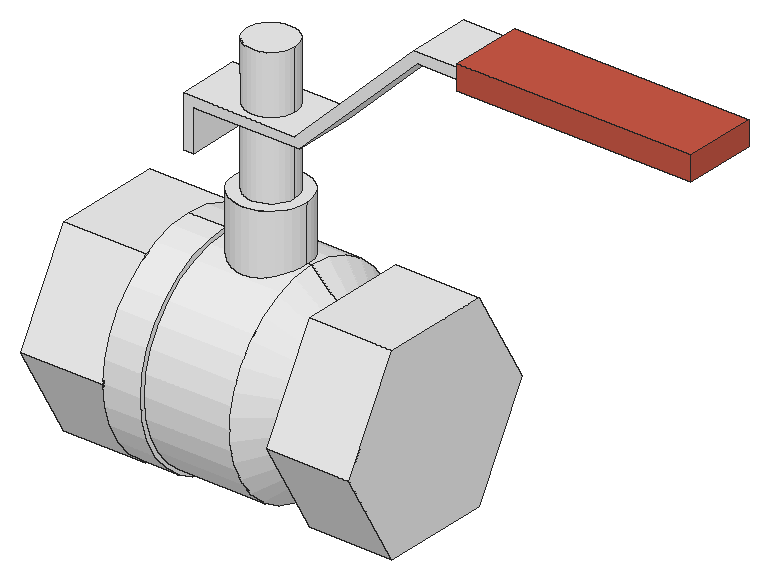
Revit family "DONE-2019_Valvula_Arco_Turia", category Pipe Accessories, Revit 2019
Family settings
  Round Connector Dimension = Use Radius
  Part Type = Valve - Breaks Into
  OmniClass Number = 23.65.55.14.21
  OmniClass Title = Non-Return Valves for Liquid Services
  Work Plane-Based = No
  Always vertical = Yes
  Cut with Voids When Loaded = No
  Shared = No
Parameters
  URL = "www.valvulasarco.com"
  Radio Nominal = Diámetro Nominal / 2  # 15.9 mm
  Radio Cuerpo = Radio Tuerca * 1.1  # 25.71 mm
  OCT = not(HEX)  # no
  Model = ""
  Material = Jatón Europeo CW617N - Chromado
  Manufacturer = "Vávulas Arco S.L"  # constant formula
  HEX = D < 40 mm  # yes
  E = 31.8 mm
  Diámetro Nominal = E  # 31.8 mm
  Description = "Válvula esfera Turia mando palanca H-H"  # constant formula
  Cost = 5.8
  Ancho Símbolo = 15.011 mm
  Radio Exterior = Diámetro Exterior / 2  # 22.26 mm
  Diámetro Exterior = D * 1.4  # 44.52 mm
  K Coefficient = 0.35
  D = 31.8 mm
  Radio Tuerca = if(Radio Exterior > 20 mm, Radio Exterior * 1.05, Radio Exterior * 2.5)  # 23.373 mm
  C = 90 mm
  B = 112 mm
  A = 82 mm
Reference planes
  plane 1 "Center (Front/Back)": y = 0
  plane 2: z = 0
  plane 3 "Center (Left/Right)": x = 0
  plane 4 "I": x = -41
  plane 5 "O": x = 41
  plane 6: z = 90
  plane 7: z = -22.26
  plane 8: y = 22.26
  plane 9: y = -22.26
  plane 10: x = 112
  plane 11: z = -15.9
  plane 12: x = -13.667
  plane 13: x = 13.667
Forms (mm)
  Extrusion 1, solid, material "Jatón Europeo CW617N - Chromado" <- "Material", detail levels fine
    sketch origin (0, 0, 0) x (1, 0, 0) y (0, 1, 0)
      loop
        circle (0, 0) r 6
    from 39.195 to 73.065
  Revolve 2, solid, material "Jatón Europeo CW617N - Chromado" <- "Material", detail levels fine
    sketch origin (0, 0, 0) x (1, 0, 0) y (0, 0, 1)
      loop
        line (22.69, -15.595) -> (22.69, 0) -> (-41, 0) -> (-41, -15.9) -> (-20.5, -15.9) -> (-20.5, -26.71) -> (-11.222, -26.71) -> (-11.222, -25.71) -> (10.247, -25.71) -> (20.362, -15.595) -> (22.69, -15.595)
      axis (-41, 0) -> (22.69, 0)
    angle from 0 to 360
  Extrusion 3, solid, material "Jatón Europeo CW617N - Chromado" <- "Material", detail levels fine
    sketch origin (-80, 0, 0) x (1, 0, 0) y (0, 1, 0)
      loop
        circle (80, 0) r 9
    from 0 to 39.195
  Extrusion 4, solid, material "Jatón Europeo CW617N - Chromado" <- "Material", visible <- "HEX", detail levels fine
    sketch origin (-41, 0, 0) x (0, 1, 0) y (0, 0, 1)
      loop
        line (13.494, -23.373) -> (26.989, 0) -> (13.494, 23.373) -> (-13.494, 23.373) -> (-26.989, 0) -> (-13.494, -23.373) -> (13.494, -23.373)
    from 0 to 82
  Extrusion 5, void
    sketch origin (0, 0, 0) x (0, -1, 0) y (0, 0, 1)
      loop
        line (-66.78, 134.52) -> (-66.78, -66.78) -> (66.78, -66.78) -> (66.78, 134.52) -> (-66.78, 134.52)
    from -20.5 to 20.5
  Sweep 6, solid, material "Jatón Europeo CW617N - Chromado" <- "Material", detail levels fine
    path origin (0, 0, 0) x (1, 0, 0) y (0, 0, 1)
      loop
        line (53.7, 85.7) -> (42.886, 85.7) -> (13.316, 56.13) -> (-13.125, 56.13) -> (-13.125, 45.93)
    profile origin (48.293, 0, 85.7) x (0, 0, -1) y (0, -1, 0)
      loop
        line (-2.5, -7.75) -> (0, -7.75) -> (0, 7.75) -> (-2.5, 7.75) -> (-2.5, -7.75)
  Extrusion 7, solid, material "Color Rojo", detail levels fine
    sketch origin (41, 552.765, 1219.2) x (0, 1, 0) y (0, 0, 1)
      loop
        line (-543.765, -1135.25) -> (-543.765, -1129.2) -> (-561.765, -1129.2) -> (-561.765, -1135.25) -> (-543.765, -1135.25)
    from 12.7 to 71
  Extrusion 8, solid, material "Jatón Europeo CW617N - Chromado" <- "Material", visible <- "OCT", detail levels fine
    sketch origin (-41, 0, 0) x (0, 1, 0) y (0, 0, 1)
      loop
        line (9.681, -23.373) -> (23.373, -9.681) -> (23.373, 9.681) -> (9.681, 23.373) -> (-9.681, 23.373) -> (-23.373, 9.681) -> (-23.373, -9.681) -> (-9.681, -23.373) -> (9.681, -23.373)
    from 0 to 82
Cuts and joins
  Extrusion 5 cuts Extrusion 4
  Extrusion 5 cuts Extrusion 8
Lines and regions (mm)
  model lines, detail levels coarse+medium
    curve 1: line (-41, 22.26, 0) -> (41, -22.26, 0)
    curve 2: line (-41, 22.26, 0) -> (-41, -22.26, 0)
    curve 3: line (41, 22.26, 0) -> (41, -22.26, 0)
    curve 4: line (-41, -22.26, 0) -> (41, 22.26, 0)
  reference lines
    curve 5: line (143.299, 0, 22.26) -> (-72.701, 0, 22.26)
    curve 6: line (143.299, 0, 56.13) -> (-72.701, 0, 56.13)
Dimensions and locks
  "A": plane 4 "I" to plane 5 "O"
  "C": plane 6 to plane 2
  "Radio Exterior": plane 2 to plane 7
  "Radio Exterior": plane 8 to plane 1 "Center (Front/Back)"
  "Radio Exterior": plane 1 "Center (Front/Back)" to plane 9
  equal spacing: plane 4 "I", plane 3 "Center (Left/Right)", plane 5 "O"
  "B": plane 10 to plane 3 "Center (Left/Right)"
  "Radio Nominal": plane 2 to plane 11
  equal spacing: plane 5 "O", plane 13, plane 12, plane 4 "I"
  equal spacing: Revolve 2 sketch curve, plane 7, Revolve 2 sketch curve
  equal spacing: plane 3 "Center (Left/Right)", Revolve 2 sketch curve, plane 4 "I"
  "Radio Tuerca": plane 2 to Extrusion 4 sketch curve
  "Radio Tuerca": Extrusion 4 sketch curve to plane 2
  "Radio Tuerca": Extrusion 3 to Extrusion 4 sketch curve  (x4)
  plane 5 "O" to plane 3 "Center (Left/Right)" = 41 mm
  equal spacing: plane 5 "O", Extrusion 5, plane 3 "Center (Left/Right)"
  "Diámetro Exterior": Extrusion 5 sketch curve to plane 8
  "Diámetro Exterior": plane 9 to Extrusion 5 sketch curve
  "Diámetro Exterior": Extrusion 5 sketch curve to plane 6
  "Diámetro Exterior": plane 7 to Extrusion 5 sketch curve
  locked: plane 6 to Sweep 6 sketch curve at 4.3
  Sweep 6 sketch curve to Sweep 6 sketch curve to plane 5 "O" = 10.814 mm locked, 1.886 mm locked
  locked: plane 3 "Center (Left/Right)" to Sweep 6 sketch curve at 13.125
  locked: plane 6 to Extrusion 7 sketch curve at 6.05
  locked: Extrusion 7 sketch curve to plane 1 "Center (Front/Back)" at 9
  locked: plane 1 "Center (Front/Back)" to Extrusion 7 sketch curve at 9
  "Radio Exterior": curve 5 to plane 2
  equal spacing: plane 6, curve 6, curve 5
  equal spacing: curve 6, Extrusion 3, curve 5
  equal spacing: Extrusion 1, curve 6, Extrusion 3
  locked: curve 6 to Sweep 6 sketch curve at 10.2
  "Radio Tuerca": plane 2 to Extrusion 8 sketch curve
  "Radio Tuerca": Extrusion 8 sketch curve to plane 2
  "Radio Tuerca": Extrusion 8 sketch curve to plane 1 "Center (Front/Back)"
  "Radio Tuerca": plane 1 "Center (Front/Back)" to Extrusion 8 sketch curve
  "Radio Tuerca": Extrusion 3 to Extrusion 8 sketch curve  (x4)
  locked: Revolve 2 sketch curve to Revolve 2 sketch curve at 1
  "Radio Cuerpo": plane 2 to Revolve 2 sketch curve
  "Radio Nominal": plane 2 to Revolve 2 sketch curve
  radius of Extrusion 1 sketch curve = 6 mm
  locked: Revolve 2 sketch curve to plane 13 (angle 45.00°)
  locked: Extrusion 4 sketch curve to Extrusion 4 sketch curve (angle 120.00°)  (x4)
  locked: Sweep 6 sketch curve to plane 5 "O" (angle 45.00°)
  locked: Extrusion 8 sketch curve to Extrusion 8 sketch curve (angle 135.00°)  (x4)
  aligned and locked: plane 1 "Center (Front/Back)" to Extrusion 1 sketch curve
  aligned and locked: plane 3 "Center (Left/Right)" to Extrusion 1 sketch curve
  aligned and locked: plane 8 to curve 1
  aligned and locked: plane 9 to curve 1
  aligned and locked: plane 5 "O" to curve 1
  aligned and locked: plane 9 to curve 2
  aligned and locked: curve 2 to plane 4 "I"
  aligned and locked: plane 8 to curve 3
  aligned and locked: curve 3 to plane 5 "O"
  aligned and locked: Revolve 2 sketch curve to plane 2
  aligned and locked: Revolve 2 sketch curve to Revolve 2 sketch curve
  aligned and locked: plane 1 "Center (Front/Back)" to Extrusion 3 sketch curve
  aligned and locked: plane 3 "Center (Left/Right)" to Extrusion 3 sketch curve
  aligned and locked: Extrusion 3 to plane 2
  aligned and locked: Extrusion 1 to Extrusion 3
  aligned and locked: Extrusion 4 to plane 4 "I"
  aligned and locked: plane 5 "O" to Extrusion 4
  aligned and locked: plane 6 to Extrusion 7 sketch curve
  aligned and locked: curve 6 to Sweep 6 sketch curve
  aligned and locked: Extrusion 7 to Sweep 6
  aligned and locked: plane 10 to Extrusion 7
  aligned and locked: cut or joined group of Extrusion 5, Extrusion 8 to plane 4 "I"
  aligned and locked: plane 5 "O" to cut or joined group of Extrusion 5, Extrusion 8
  aligned and locked: plane 4 "I" to Revolve 2 sketch curve
  aligned and locked: Extrusion 5 to Revolve 2
Automatic sketch dimensions
  Sweep 6 sketch curve to profile plane = 0 mm
  Sweep 6 sketch curve to Sweep 6 sketch curve = 2.5 mm
  Sweep 6 sketch curve to plane 1 "Center (Front/Back)" = 7.75 mm
  plane 1 "Center (Front/Back)" to Sweep 6 sketch curve = 7.75 mm
  curve 5 to plane 4 "I" = 31.701 mm
  curve 6 to plane 4 "I" = 31.701 mm
  plane 10 to curve 6 = 31.299 mm
  plane 10 to curve 5 = 31.299 mm
  plane 12 to Revolve 2 sketch curve = 2.444 mm
  plane 13 to Revolve 2 sketch curve = 3.42 mm
  plane 11 to Revolve 2 sketch curve = 0.305 mm
  Revolve 2 sketch curve to plane 13 = 9.024 mm
  Revolve 2 sketch curve to plane 4 "I" = 1457 mm
  plane 10 to Revolve 2 sketch curve = 1514.773 mm
  radius of Extrusion 3 sketch curve = 9 mm
Connectors
  piping at (-41, 0, 0), diameter 31.8, driven by "Radio Nominal"
    settings: on Revolve 2, index 1, connector inside diameter 609.6 mm, connector length 0 mm, flow factor 0, pipe flow 0.0 L/s, pressure drop 0.0 Pa, fitting loss kfactor 0, connector angle 0.00°, fixture units 0, engagement length 0 mm, angle of deflection 0.00°, flow configuration 0, flow direction 1, fitting loss method 0, system type 29, joint type 0, gender type 0, connector reference index 2, connector utility 0, adjustable connector no, is connector primary yes, connector description "Suministro"
  piping at (22.69, 0, 0), diameter 31.8, driven by "Radio Nominal"
    settings: on Revolve 2, index 2, connector inside diameter 609.6 mm, connector length 0 mm, flow factor 0, pipe flow 0.0 L/s, pressure drop 0.0 Pa, fitting loss kfactor 0, connector angle 0.00°, fixture units 0, engagement length 0 mm, angle of deflection 0.00°, flow configuration 0, flow direction 2, fitting loss method 0, system type 29, joint type 0, gender type 0, connector reference index 1, connector utility 0, adjustable connector no, is connector primary no, connector description ""
